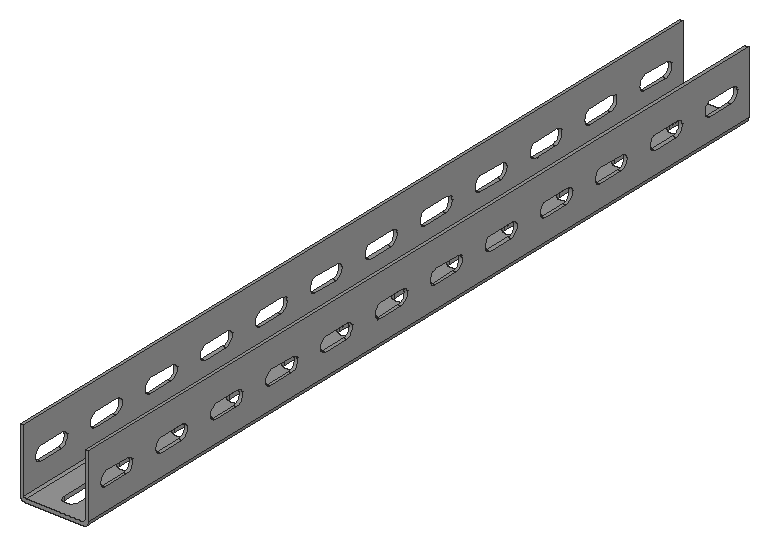
Revit family "U-Stiel, US 5 60 FT,A2,A4", category Generic Models, Revit 2017
Family settings
  Can host rebar = No
  Round Connector Dimension = Use Diameter
  Part Type = Normal
  Work Plane-Based = No
  Always vertical = Yes
  Cut with Voids When Loaded = No
  Shared = No
  Room Calculation Point = No
Parameters (values of type "US 5 60 A4")
  Width 1 = Width / 2  # 25 mm
  Width = 50 mm
  URL = "http://www.obo-bettermann.com"
  Material = Stainless steel, A4
  Manufacturer Art.No. = "6341059"
  Manufacturer = "OBO Bettermann"
  Length = 600 mm
  Height = 50 mm
  GTIN = "4012196183319"
  Cut's space = 50 mm
  Cut's number = Length / Cut's space  # 12
  Article Type = "US 5 60 A4"
Types (4, lengths in mm): name | Material | Manufacturer Art.No. | GTIN | Article Type
  (no name) | Stainless steel, A4 | "6341059" | "4012196183319" | "US 5 60 A4"
  US 5 60 FT | Hot-dip galvanised | "6340946" | "4012196601752" | "US 5 60 FT"
  US 5 60 A2 | Stainless steel, A2 | "6341117" | "4012196081790" | "US 5 60 A2"
  US 5 60 A4 | Stainless steel, A4 | "6341059" | "4012196183319" | "US 5 60 A4"
Reference planes
  plane 1 "Center (Front/Back)": y = 0
  plane 2: z = 0
  plane 3 "Center (Left/Right)": x = 0
  plane 4: z = 50
  plane 5: y = 25
  plane 6: z = 25
  plane 7: y = 75
  plane 8: y = 10
  plane 9: y = 40
  plane 10: y = 75
  plane 11: y = 90
  plane 12: y = 140
  plane 13: y = 190
  plane 14: y = 240
  plane 15: y = 290
  plane 16: y = 340
  plane 17: y = 390
  plane 18: y = 440
  plane 19: y = 490
  plane 20: y = 540
  plane 21: y = 590
Forms (mm)
  Extrusion 1, solid, material "Stainless steel, A4" <- "Material"
    sketch origin (0, 0, 0) x (1, 0, 0) y (0, 0, 1)
      loop
        line (-25, 50) -> (-25, 3.7)
        arc (-25, 3.7) -> (-23.916, 1.084) -> (-21.3, 0) r 3.7
        line (-21.3, 0) -> (21.336, 0)
        arc (21.336, 0) -> (23.927, 1.073) -> (25, 3.664) r 3.664
        line (25, 3.664) -> (25, 50) -> (22.5, 50) -> (22.5, 4)
        arc (22.5, 4) -> (22.061, 2.939) -> (21, 2.5) r 1.5
        line (21, 2.5) -> (-21, 2.5)
        arc (-21, 2.5) -> (-22.061, 2.939) -> (-22.5, 4) r 1.5
        line (-22.5, 4) -> (-22.5, 50) -> (-25, 50)
    from -600 to 0
  Extrusion 2, void
    sketch origin (0, 0, 0) x (0, 1, 0) y (0, 0, 1)
      loop
        arc (15.607, 30.5) -> (10.107, 25) -> (15.607, 19.5) r 5.5
        line (15.607, 19.5) -> (34.607, 19.5)
        arc (34.607, 19.5) -> (40.107, 25) -> (34.607, 30.5) r 5.5
        line (34.607, 30.5) -> (15.607, 30.5)
    from 22.5 to 25
  Extrusion 3, void
    sketch origin (0, 50, 0) x (0, 1, 0) y (0, 0, 1)
      loop
        arc (15.607, 30.5) -> (10.107, 25) -> (15.607, 19.5) r 5.5
        line (15.607, 19.5) -> (34.607, 19.5)
        arc (34.607, 19.5) -> (40.107, 25) -> (34.607, 30.5) r 5.5
        line (34.607, 30.5) -> (15.607, 30.5)
    from 22.5 to 25
  Extrusion 4, void
    sketch origin (0, -900, 0) x (0, 1, 0) y (0, 0, 1)
      loop
        arc (1015.607, 30.5) -> (1010.107, 25) -> (1015.607, 19.5) r 5.5
        line (1015.607, 19.5) -> (1034.607, 19.5)
        arc (1034.607, 19.5) -> (1040.107, 25) -> (1034.607, 30.5) r 5.5
        line (1034.607, 30.5) -> (1015.607, 30.5)
    from 22.5 to 25
  Extrusion 5, void
    sketch origin (0, -850, 0) x (0, 1, 0) y (0, 0, 1)
      loop
        arc (1015.607, 30.5) -> (1010.107, 25) -> (1015.607, 19.5) r 5.5
        line (1015.607, 19.5) -> (1034.607, 19.5)
        arc (1034.607, 19.5) -> (1040.107, 25) -> (1034.607, 30.5) r 5.5
        line (1034.607, 30.5) -> (1015.607, 30.5)
    from 22.5 to 25
  Extrusion 6, void
    sketch origin (0, -800, 0) x (0, 1, 0) y (0, 0, 1)
      loop
        arc (1015.607, 30.5) -> (1010.107, 25) -> (1015.607, 19.5) r 5.5
        line (1015.607, 19.5) -> (1034.607, 19.5)
        arc (1034.607, 19.5) -> (1040.107, 25) -> (1034.607, 30.5) r 5.5
        line (1034.607, 30.5) -> (1015.607, 30.5)
    from 22.5 to 25
  Extrusion 7, void
    sketch origin (0, -750, 0) x (0, 1, 0) y (0, 0, 1)
      loop
        arc (1015.607, 30.5) -> (1010.107, 25) -> (1015.607, 19.5) r 5.5
        line (1015.607, 19.5) -> (1034.607, 19.5)
        arc (1034.607, 19.5) -> (1040.107, 25) -> (1034.607, 30.5) r 5.5
        line (1034.607, 30.5) -> (1015.607, 30.5)
    from 22.5 to 25
  Extrusion 8, void
    sketch origin (0, -700, 0) x (0, 1, 0) y (0, 0, 1)
      loop
        arc (1015.607, 30.5) -> (1010.107, 25) -> (1015.607, 19.5) r 5.5
        line (1015.607, 19.5) -> (1034.607, 19.5)
        arc (1034.607, 19.5) -> (1040.107, 25) -> (1034.607, 30.5) r 5.5
        line (1034.607, 30.5) -> (1015.607, 30.5)
    from 22.5 to 25
  Extrusion 9, void
    sketch origin (0, -650, 0) x (0, 1, 0) y (0, 0, 1)
      loop
        arc (1015.607, 30.5) -> (1010.107, 25) -> (1015.607, 19.5) r 5.5
        line (1015.607, 19.5) -> (1034.607, 19.5)
        arc (1034.607, 19.5) -> (1040.107, 25) -> (1034.607, 30.5) r 5.5
        line (1034.607, 30.5) -> (1015.607, 30.5)
    from 22.5 to 25
  Extrusion 10, void
    sketch origin (0, -600, 0) x (0, 1, 0) y (0, 0, 1)
      loop
        arc (1015.607, 30.5) -> (1010.107, 25) -> (1015.607, 19.5) r 5.5
        line (1015.607, 19.5) -> (1034.607, 19.5)
        arc (1034.607, 19.5) -> (1040.107, 25) -> (1034.607, 30.5) r 5.5
        line (1034.607, 30.5) -> (1015.607, 30.5)
    from 22.5 to 25
  Extrusion 11, void
    sketch origin (0, -550, 0) x (0, 1, 0) y (0, 0, 1)
      loop
        arc (1015.607, 30.5) -> (1010.107, 25) -> (1015.607, 19.5) r 5.5
        line (1015.607, 19.5) -> (1034.607, 19.5)
        arc (1034.607, 19.5) -> (1040.107, 25) -> (1034.607, 30.5) r 5.5
        line (1034.607, 30.5) -> (1015.607, 30.5)
    from 22.5 to 25
  Extrusion 12, void
    sketch origin (0, -500, 0) x (0, 1, 0) y (0, 0, 1)
      loop
        arc (1015.607, 30.5) -> (1010.107, 25) -> (1015.607, 19.5) r 5.5
        line (1015.607, 19.5) -> (1034.607, 19.5)
        arc (1034.607, 19.5) -> (1040.107, 25) -> (1034.607, 30.5) r 5.5
        line (1034.607, 30.5) -> (1015.607, 30.5)
    from 22.5 to 25
  Extrusion 13, void
    sketch origin (0, -450, 0) x (0, 1, 0) y (0, 0, 1)
      loop
        arc (1015.607, 30.5) -> (1010.107, 25) -> (1015.607, 19.5) r 5.5
        line (1015.607, 19.5) -> (1034.607, 19.5)
        arc (1034.607, 19.5) -> (1040.107, 25) -> (1034.607, 30.5) r 5.5
        line (1034.607, 30.5) -> (1015.607, 30.5)
    from 22.5 to 25
  Extrusion 14, void
    sketch origin (0, -100, 0) x (0, -1, 0) y (0, 0, 1)
      loop
        line (-115.607, 30.5) -> (-134.607, 30.5)
        arc (-134.607, 30.5) -> (-140.107, 25) -> (-134.607, 19.5) r 5.5
        line (-134.607, 19.5) -> (-115.607, 19.5)
        arc (-115.607, 19.5) -> (-110.107, 25) -> (-115.607, 30.5) r 5.5
    from 22.5 to 25
  Extrusion 15, void
    sketch origin (0, -50, 0) x (0, -1, 0) y (0, 0, 1)
      loop
        line (-115.607, 30.5) -> (-134.607, 30.5)
        arc (-134.607, 30.5) -> (-140.107, 25) -> (-134.607, 19.5) r 5.5
        line (-134.607, 19.5) -> (-115.607, 19.5)
        arc (-115.607, 19.5) -> (-110.107, 25) -> (-115.607, 30.5) r 5.5
    from 22.5 to 25
  Extrusion 16, void
    sketch origin (0, 0, 0) x (0, -1, 0) y (0, 0, 1)
      loop
        line (-115.607, 30.5) -> (-134.607, 30.5)
        arc (-134.607, 30.5) -> (-140.107, 25) -> (-134.607, 19.5) r 5.5
        line (-134.607, 19.5) -> (-115.607, 19.5)
        arc (-115.607, 19.5) -> (-110.107, 25) -> (-115.607, 30.5) r 5.5
    from 22.5 to 25
  Extrusion 17, void
    sketch origin (0, 50, 0) x (0, -1, 0) y (0, 0, 1)
      loop
        line (-115.607, 30.5) -> (-134.607, 30.5)
        arc (-134.607, 30.5) -> (-140.107, 25) -> (-134.607, 19.5) r 5.5
        line (-134.607, 19.5) -> (-115.607, 19.5)
        arc (-115.607, 19.5) -> (-110.107, 25) -> (-115.607, 30.5) r 5.5
    from 22.5 to 25
  Extrusion 18, void
    sketch origin (0, 100, 0) x (0, -1, 0) y (0, 0, 1)
      loop
        line (-115.607, 30.5) -> (-134.607, 30.5)
        arc (-134.607, 30.5) -> (-140.107, 25) -> (-134.607, 19.5) r 5.5
        line (-134.607, 19.5) -> (-115.607, 19.5)
        arc (-115.607, 19.5) -> (-110.107, 25) -> (-115.607, 30.5) r 5.5
    from 22.5 to 25
  Extrusion 19, void
    sketch origin (0, 150, 0) x (0, -1, 0) y (0, 0, 1)
      loop
        line (-115.607, 30.5) -> (-134.607, 30.5)
        arc (-134.607, 30.5) -> (-140.107, 25) -> (-134.607, 19.5) r 5.5
        line (-134.607, 19.5) -> (-115.607, 19.5)
        arc (-115.607, 19.5) -> (-110.107, 25) -> (-115.607, 30.5) r 5.5
    from 22.5 to 25
  Extrusion 20, void
    sketch origin (0, 200, 0) x (0, -1, 0) y (0, 0, 1)
      loop
        line (-115.607, 30.5) -> (-134.607, 30.5)
        arc (-134.607, 30.5) -> (-140.107, 25) -> (-134.607, 19.5) r 5.5
        line (-134.607, 19.5) -> (-115.607, 19.5)
        arc (-115.607, 19.5) -> (-110.107, 25) -> (-115.607, 30.5) r 5.5
    from 22.5 to 25
  Extrusion 21, void
    sketch origin (0, 250, 0) x (0, -1, 0) y (0, 0, 1)
      loop
        line (-115.607, 30.5) -> (-134.607, 30.5)
        arc (-134.607, 30.5) -> (-140.107, 25) -> (-134.607, 19.5) r 5.5
        line (-134.607, 19.5) -> (-115.607, 19.5)
        arc (-115.607, 19.5) -> (-110.107, 25) -> (-115.607, 30.5) r 5.5
    from 22.5 to 25
  Extrusion 22, void
    sketch origin (0, 300, 0) x (0, -1, 0) y (0, 0, 1)
      loop
        line (-115.607, 30.5) -> (-134.607, 30.5)
        arc (-134.607, 30.5) -> (-140.107, 25) -> (-134.607, 19.5) r 5.5
        line (-134.607, 19.5) -> (-115.607, 19.5)
        arc (-115.607, 19.5) -> (-110.107, 25) -> (-115.607, 30.5) r 5.5
    from 22.5 to 25
  Extrusion 23, void
    sketch origin (0, 350, 0) x (0, -1, 0) y (0, 0, 1)
      loop
        line (-115.607, 30.5) -> (-134.607, 30.5)
        arc (-134.607, 30.5) -> (-140.107, 25) -> (-134.607, 19.5) r 5.5
        line (-134.607, 19.5) -> (-115.607, 19.5)
        arc (-115.607, 19.5) -> (-110.107, 25) -> (-115.607, 30.5) r 5.5
    from 22.5 to 25
  Extrusion 24, void
    sketch origin (0, 400, 0) x (0, -1, 0) y (0, 0, 1)
      loop
        line (-115.607, 30.5) -> (-134.607, 30.5)
        arc (-134.607, 30.5) -> (-140.107, 25) -> (-134.607, 19.5) r 5.5
        line (-134.607, 19.5) -> (-115.607, 19.5)
        arc (-115.607, 19.5) -> (-110.107, 25) -> (-115.607, 30.5) r 5.5
    from 22.5 to 25
  Extrusion 25, void
    sketch origin (0, 450, 0) x (0, -1, 0) y (0, 0, 1)
      loop
        line (-115.607, 30.5) -> (-134.607, 30.5)
        arc (-134.607, 30.5) -> (-140.107, 25) -> (-134.607, 19.5) r 5.5
        line (-134.607, 19.5) -> (-115.607, 19.5)
        arc (-115.607, 19.5) -> (-110.107, 25) -> (-115.607, 30.5) r 5.5
    from 22.5 to 25
  Extrusion 26, void
    sketch origin (0, 0, 0) x (1, 0, 0) y (0, 1, 0)
      loop
        arc (-5.5, 15.5) -> (0, 10) -> (5.5, 15.5) r 5.5
        line (5.5, 15.5) -> (5.5, 34.5)
        arc (5.5, 34.5) -> (0, 40) -> (-5.5, 34.5) r 5.5
        line (-5.5, 34.5) -> (-5.5, 15.5)
    from 0 to 2.5
  Extrusion 27, void
    sketch origin (0, 50, 0) x (1, 0, 0) y (0, 1, 0)
      loop
        arc (-5.5, 15.5) -> (0, 10) -> (5.5, 15.5) r 5.5
        line (5.5, 15.5) -> (5.5, 34.5)
        arc (5.5, 34.5) -> (0, 40) -> (-5.5, 34.5) r 5.5
        line (-5.5, 34.5) -> (-5.5, 15.5)
    from 0 to 2.5
  Extrusion 28, void
    sketch origin (0, 100, 0) x (1, 0, 0) y (0, 1, 0)
      loop
        arc (-5.5, 15.5) -> (0, 10) -> (5.5, 15.5) r 5.5
        line (5.5, 15.5) -> (5.5, 34.5)
        arc (5.5, 34.5) -> (0, 40) -> (-5.5, 34.5) r 5.5
        line (-5.5, 34.5) -> (-5.5, 15.5)
    from 0 to 2.5
  Extrusion 29, void
    sketch origin (0, 150, 0) x (1, 0, 0) y (0, 1, 0)
      loop
        arc (-5.5, 15.5) -> (0, 10) -> (5.5, 15.5) r 5.5
        line (5.5, 15.5) -> (5.5, 34.5)
        arc (5.5, 34.5) -> (0, 40) -> (-5.5, 34.5) r 5.5
        line (-5.5, 34.5) -> (-5.5, 15.5)
    from 0 to 2.5
  Extrusion 30, void
    sketch origin (0, 200, 0) x (1, 0, 0) y (0, 1, 0)
      loop
        arc (-5.5, 15.5) -> (0, 10) -> (5.5, 15.5) r 5.5
        line (5.5, 15.5) -> (5.5, 34.5)
        arc (5.5, 34.5) -> (0, 40) -> (-5.5, 34.5) r 5.5
        line (-5.5, 34.5) -> (-5.5, 15.5)
    from 0 to 2.5
  Extrusion 31, void
    sketch origin (0, 250, 0) x (1, 0, 0) y (0, 1, 0)
      loop
        arc (-5.5, 15.5) -> (0, 10) -> (5.5, 15.5) r 5.5
        line (5.5, 15.5) -> (5.5, 34.5)
        arc (5.5, 34.5) -> (0, 40) -> (-5.5, 34.5) r 5.5
        line (-5.5, 34.5) -> (-5.5, 15.5)
    from 0 to 2.5
  Extrusion 32, void
    sketch origin (0, 300, 0) x (1, 0, 0) y (0, 1, 0)
      loop
        arc (-5.5, 15.5) -> (0, 10) -> (5.5, 15.5) r 5.5
        line (5.5, 15.5) -> (5.5, 34.5)
        arc (5.5, 34.5) -> (0, 40) -> (-5.5, 34.5) r 5.5
        line (-5.5, 34.5) -> (-5.5, 15.5)
    from 0 to 2.5
  Extrusion 33, void
    sketch origin (0, 350, 0) x (1, 0, 0) y (0, 1, 0)
      loop
        arc (-5.5, 15.5) -> (0, 10) -> (5.5, 15.5) r 5.5
        line (5.5, 15.5) -> (5.5, 34.5)
        arc (5.5, 34.5) -> (0, 40) -> (-5.5, 34.5) r 5.5
        line (-5.5, 34.5) -> (-5.5, 15.5)
    from 0 to 2.5
  Extrusion 34, void
    sketch origin (0, 400, 0) x (1, 0, 0) y (0, 1, 0)
      loop
        arc (-5.5, 15.5) -> (0, 10) -> (5.5, 15.5) r 5.5
        line (5.5, 15.5) -> (5.5, 34.5)
        arc (5.5, 34.5) -> (0, 40) -> (-5.5, 34.5) r 5.5
        line (-5.5, 34.5) -> (-5.5, 15.5)
    from 0 to 2.5
  Extrusion 35, void
    sketch origin (0, 450, 0) x (1, 0, 0) y (0, 1, 0)
      loop
        arc (-5.5, 15.5) -> (0, 10) -> (5.5, 15.5) r 5.5
        line (5.5, 15.5) -> (5.5, 34.5)
        arc (5.5, 34.5) -> (0, 40) -> (-5.5, 34.5) r 5.5
        line (-5.5, 34.5) -> (-5.5, 15.5)
    from 0 to 2.5
  Extrusion 36, void
    sketch origin (0, 500, 0) x (1, 0, 0) y (0, 1, 0)
      loop
        arc (-5.5, 15.5) -> (0, 10) -> (5.5, 15.5) r 5.5
        line (5.5, 15.5) -> (5.5, 34.5)
        arc (5.5, 34.5) -> (0, 40) -> (-5.5, 34.5) r 5.5
        line (-5.5, 34.5) -> (-5.5, 15.5)
    from 0 to 2.5
  Extrusion 37, void
    sketch origin (0, 550, 0) x (1, 0, 0) y (0, 1, 0)
      loop
        arc (-5.5, 15.5) -> (0, 10) -> (5.5, 15.5) r 5.5
        line (5.5, 15.5) -> (5.5, 34.5)
        arc (5.5, 34.5) -> (0, 40) -> (-5.5, 34.5) r 5.5
        line (-5.5, 34.5) -> (-5.5, 15.5)
    from 0 to 2.5
Cuts and joins
  Extrusion 2, Extrusion 3, Extrusion 4, Extrusion 5, Extrusion 6, Extrusion 7, Extrusion 8, Extrusion 9, Extrusion 10, Extrusion 11, Extrusion 12, Extrusion 13, Extrusion 14, Extrusion 15, Extrusion 16, Extrusion 17, Extrusion 18, Extrusion 19, Extrusion 20, Extrusion 21, Extrusion 22, Extrusion 23, Extrusion 24, Extrusion 25, Extrusion 26, Extrusion 27, Extrusion 28, Extrusion 29, Extrusion 30, Extrusion 31, Extrusion 32, Extrusion 33, Extrusion 34, Extrusion 35, Extrusion 36, Extrusion 37 cuts Extrusion 1
Dimensions and locks
  "Width 1": Extrusion 1 sketch curve to plane 3 "Center (Left/Right)"  (x2)
  "Height": plane 4 to level
  locked: Extrusion 1 to Extrusion 1 at 2.5  (x5)
  "Length": Extrusion 1 to Extrusion 1
  locked: Extrusion 1 to plane 5 at 25
  locked: plane 6 to level at 25
  locked: Extrusion 2 sketch curve to Extrusion 2 sketch curve at 11
  locked: plane 5 to plane 7 at 50
  locked: Extrusion 3 sketch curve to Extrusion 3 sketch curve at 11
  locked: Extrusion 4 sketch curve to Extrusion 4 sketch curve at 11
  locked: Extrusion 5 sketch curve to Extrusion 5 sketch curve at 11
  locked: Extrusion 6 sketch curve to Extrusion 6 sketch curve at 11
  locked: Extrusion 7 sketch curve to Extrusion 7 sketch curve at 11
  locked: Extrusion 8 sketch curve to Extrusion 8 sketch curve at 11
  locked: Extrusion 9 sketch curve to Extrusion 9 sketch curve at 11
  locked: Extrusion 10 sketch curve to Extrusion 10 sketch curve at 11
  locked: Extrusion 11 sketch curve to Extrusion 11 sketch curve at 11
  locked: Extrusion 12 sketch curve to Extrusion 12 sketch curve at 11
  locked: Extrusion 13 sketch curve to Extrusion 13 sketch curve at 11
  locked: Extrusion 14 sketch curve to Extrusion 14 sketch curve at 11
  locked: Extrusion 15 sketch curve to Extrusion 15 sketch curve at 11
  equal spacing: group 11, group 12, group 13, group 14, group 15, group 16, group 17, group 18, group 19, group 20, group 21, group 22  (x3)
  locked: Extrusion 16 sketch curve to Extrusion 16 sketch curve at 11
  locked: Extrusion 17 sketch curve to Extrusion 17 sketch curve at 11
  locked: Extrusion 18 sketch curve to Extrusion 18 sketch curve at 11
  locked: Extrusion 19 sketch curve to Extrusion 19 sketch curve at 11
  locked: Extrusion 20 sketch curve to Extrusion 20 sketch curve at 11
  locked: Extrusion 21 sketch curve to Extrusion 21 sketch curve at 11
  locked: Extrusion 22 sketch curve to Extrusion 22 sketch curve at 11
  locked: Extrusion 23 sketch curve to Extrusion 23 sketch curve at 11
  locked: Extrusion 24 sketch curve to Extrusion 24 sketch curve at 11
  locked: Extrusion 25 sketch curve to Extrusion 25 sketch curve at 11
  locked: cut or joined group of Extrusion 1, Extrusion 2, Extrusion 3, Extrusion 4, Extrusion 5, Extrusion 6, Extrusion 7, Extrusion 8, Extrusion 9, Extrusion 10, Extrusion 11, Extrusion 12, Extrusion 13, Extrusion 14, Extrusion 15, Extrusion 16, Extrusion 17, Extrusion 18, Extrusion 19, Extrusion 20, Extrusion 21, Extrusion 22, Extrusion 23, Extrusion 24, Extrusion 25, Extrusion 26, Extrusion 27, Extrusion 28, Extrusion 29, Extrusion 30, Extrusion 31, Extrusion 32, Extrusion 33, Extrusion 34, Extrusion 35, Extrusion 36, Extrusion 37 to plane 8 at 10
  locked: Extrusion 26 sketch curve to Extrusion 26 sketch curve at 11
  Extrusion 26 sketch curve to Extrusion 26 sketch curve = 19 mm
  plane 9 to plane 8 = 30 mm
  plane 10 to plane 5 = 50 mm
  locked: Extrusion 27 sketch curve to Extrusion 27 sketch curve at 11
  Extrusion 27 sketch curve to Extrusion 27 sketch curve = 19 mm
  equal spacing: group 23, group 24, group 25, group 26, group 27, group 28, group 29, group 30, group 31, group 32, group 33, group 34  (x3)
  locked: Extrusion 28 sketch curve to Extrusion 28 sketch curve at 11
  Extrusion 28 sketch curve to Extrusion 28 sketch curve = 19 mm
  locked: Extrusion 29 sketch curve to Extrusion 29 sketch curve at 11
  Extrusion 29 sketch curve to Extrusion 29 sketch curve = 19 mm
  locked: Extrusion 30 sketch curve to Extrusion 30 sketch curve at 11
  Extrusion 30 sketch curve to Extrusion 30 sketch curve = 19 mm
  locked: Extrusion 31 sketch curve to Extrusion 31 sketch curve at 11
  Extrusion 31 sketch curve to Extrusion 31 sketch curve = 19 mm
  locked: Extrusion 32 sketch curve to Extrusion 32 sketch curve at 11
  Extrusion 32 sketch curve to Extrusion 32 sketch curve = 19 mm
  locked: Extrusion 33 sketch curve to Extrusion 33 sketch curve at 11
  Extrusion 33 sketch curve to Extrusion 33 sketch curve = 19 mm
  locked: Extrusion 34 sketch curve to Extrusion 34 sketch curve at 11
  Extrusion 34 sketch curve to Extrusion 34 sketch curve = 19 mm
  locked: Extrusion 35 sketch curve to Extrusion 35 sketch curve at 11
  Extrusion 35 sketch curve to Extrusion 35 sketch curve = 19 mm
  locked: Extrusion 36 sketch curve to Extrusion 36 sketch curve at 11
  Extrusion 36 sketch curve to Extrusion 36 sketch curve = 19 mm
  locked: Extrusion 37 sketch curve to Extrusion 37 sketch curve at 11
  Extrusion 37 sketch curve to Extrusion 37 sketch curve = 19 mm
  aligned and locked: level to plane 2
  aligned and locked: Extrusion 1 to Extrusion 1
  aligned and locked: Extrusion 1 to level
  aligned and locked: plane 1 "Center (Front/Back)" to Extrusion 1
  aligned and locked: Extrusion 1 to Extrusion 2  (x2)
  aligned and locked: Extrusion 1 to Extrusion 26
  aligned and locked: Extrusion 1 to plane 2
Automatic sketch dimensions
  Extrusion 3 sketch curve to Extrusion 3 sketch curve = 19 mm
  Extrusion 4 sketch curve to Extrusion 4 sketch curve = 19 mm
  Extrusion 5 sketch curve to Extrusion 5 sketch curve = 19 mm
  Extrusion 6 sketch curve to Extrusion 6 sketch curve = 19 mm
  Extrusion 7 sketch curve to Extrusion 7 sketch curve = 19 mm
  Extrusion 8 sketch curve to Extrusion 8 sketch curve = 19 mm
  Extrusion 9 sketch curve to Extrusion 9 sketch curve = 19 mm
  Extrusion 10 sketch curve to Extrusion 10 sketch curve = 19 mm
  Extrusion 11 sketch curve to Extrusion 11 sketch curve = 19 mm
  Extrusion 12 sketch curve to Extrusion 12 sketch curve = 19 mm
  Extrusion 13 sketch curve to Extrusion 13 sketch curve = 19 mm
  Extrusion 2 sketch curve to plane 6 = 0 mm
  Extrusion 2 sketch curve to plane 5 = 9.393 mm
  plane 5 to Extrusion 2 sketch curve = 9.607 mm
  Extrusion 3 sketch curve to plane 6 = 0 mm
  Extrusion 3 sketch curve to plane 7 = 9.393 mm
  Extrusion 14 sketch curve to Extrusion 14 sketch curve = 19 mm
  Extrusion 15 sketch curve to Extrusion 15 sketch curve = 19 mm
  Extrusion 16 sketch curve to Extrusion 16 sketch curve = 19 mm
  Extrusion 17 sketch curve to Extrusion 17 sketch curve = 19 mm
  Extrusion 18 sketch curve to Extrusion 18 sketch curve = 19 mm
  Extrusion 19 sketch curve to Extrusion 19 sketch curve = 19 mm
  Extrusion 20 sketch curve to Extrusion 20 sketch curve = 19 mm
  Extrusion 21 sketch curve to Extrusion 21 sketch curve = 19 mm
  Extrusion 22 sketch curve to Extrusion 22 sketch curve = 19 mm
  Extrusion 23 sketch curve to Extrusion 23 sketch curve = 19 mm
  Extrusion 24 sketch curve to Extrusion 24 sketch curve = 19 mm
  Extrusion 25 sketch curve to Extrusion 25 sketch curve = 19 mm
  Extrusion 37 sketch curve to plane 21 = 24.5 mm
  Extrusion 26 sketch curve to plane 9 = 24.5 mm
  Extrusion 27 sketch curve to plane 11 = 24.5 mm
  Extrusion 28 sketch curve to plane 12 = 24.5 mm
  Extrusion 29 sketch curve to plane 13 = 24.5 mm
  Extrusion 30 sketch curve to plane 14 = 24.5 mm
  Extrusion 31 sketch curve to plane 15 = 24.5 mm
  Extrusion 32 sketch curve to plane 16 = 24.5 mm
  Extrusion 33 sketch curve to plane 17 = 24.5 mm
  Extrusion 34 sketch curve to plane 18 = 24.5 mm
  Extrusion 35 sketch curve to plane 19 = 24.5 mm
  Extrusion 36 sketch curve to plane 20 = 24.5 mm
  Extrusion 1 sketch curve to plane 4 = 0 mm  (x2)
  Extrusion 1 sketch curve to level = 0 mm
  Extrusion 1 sketch curve to Extrusion 1 sketch curve = 2.5 mm
  Extrusion 1 sketch curve to Extrusion 1 sketch curve = 1.2 mm  (x2)
  Extrusion 1 sketch curve to Extrusion 1 sketch curve = 0.3 mm
  Extrusion 1 sketch curve to Extrusion 1 sketch curve = 4 mm
  Extrusion 1 sketch curve to Extrusion 1 sketch curve = 0.336 mm
  Extrusion 1 sketch curve to Extrusion 1 sketch curve = 1.164 mm
